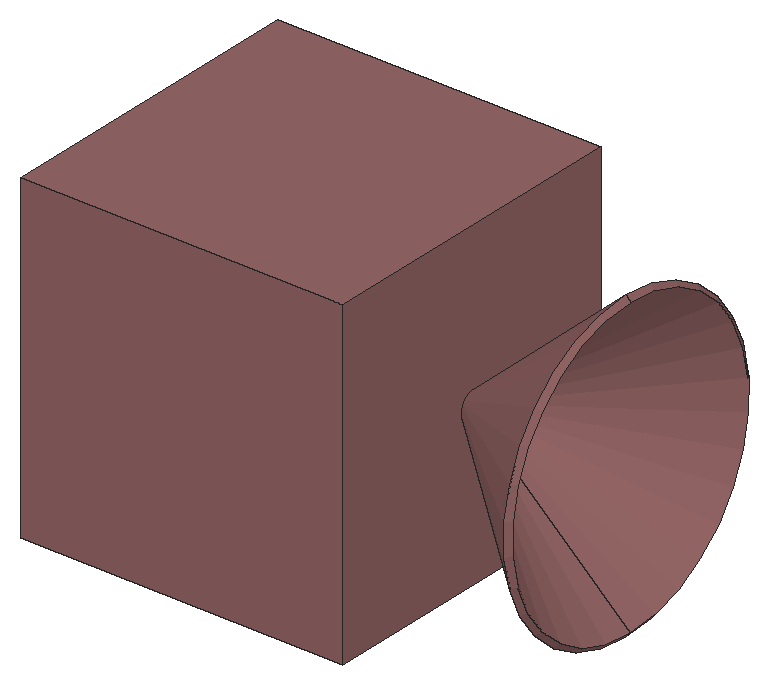
Revit family "M_Alarme de incêndio - Parede", category Equipamento especial, Revit 2019
Family settings
  Hospedeiro = Parede
  Cota do conector redondo = Utilizar diâmetro
  Tipo de parte = Normal
  Número OmniClass = 23.85.30.21.11
  Título OmniClass = Fire Detection, Monitoring and Alarm
  ID de item do Seek = Fire Alarm - Wall-0000-CAN-ENU
  Sempre na vertical = Sim
  Corte com vazios quando carregada = Não
  Compartilhado = Não
  Ponto de cálculo do ambiente = Não
Parameters
  Legenda = "F"
  Material do alarme = Metal - Acabamento pintado - Vermelho indiano, fosco
Reference planes
  plane 1: y = 0
  plane 2: z = 0
  plane 3: z = 1959.391
  plane 4 "eixo": y = 176.2
  plane 5 "Centro (Esquerda/Direita)": x = -584.429
Forms (mm)
  Extrusion 1, solid, material "Metal - Acabamento pintado - Vermelho indiano, fosco" <- "Material do alarme"
    sketch origin (-1524, 100, 0) x (-1, 0, 0) y (0, 0, 1)
      loop
        line (-1015.771, 2035.591) -> (-1015.771, 1883.191) -> (-863.371, 1883.191) -> (-863.371, 2035.591) -> (-1015.771, 2035.591)
    from 0 to 152.4
  Revolve 2, solid, material "Metal - Acabamento pintado - Vermelho indiano, fosco" <- "Material do alarme"
    sketch origin (0, 176.2, 0) x (-1, 0, 0) y (0, 0, 1)
      loop
        line (433.127, 2029.437) -> (508.229, 1961.458) -> (508.229, 1965.741) -> (435.258, 2031.791) -> (433.127, 2029.437)
      axis (508.229, 1959.391) -> (433.127, 1959.391)
    angle from 0 to 360
Lines and regions (mm)
  model lines
    curve 1: arc (-588.491, 252.4, 1909.157) -> (-638.726, 252.4, 1959.391) -> (-588.491, 252.4, 2009.625) r 50.234
    curve 2: arc (-588.491, 252.4, 2009.625) -> (-538.257, 252.4, 1959.391) -> (-588.491, 252.4, 1909.157) r 50.234
Text (mm)
  text "Lado da colocação" at (-1504.828, 1592.972, 0), in view "Linha do piso"
  text "Exterior" at (0, 1019.848, 3124.603), in view "Direita"
  text "Interior" at (0, -1635.541, 3124.603), in view "Direita"
Dimensions and locks
  locked: plane 4 "eixo" to host wall at 76.2
  aligned and locked: nested 1 to host wall
Automatic sketch dimensions
  Extrusion 1 sketch curve to plane 3 = 76.20 mm
  Extrusion 1 sketch curve to Extrusion 1 sketch curve = 152.40 mm
  plane 3 to Extrusion 1 sketch curve = 76.20 mm
  Revolve 2 sketch curve to plane 3 = 0.00 mm
  plane 3 to Revolve 2 sketch curve = 70.046 mm
  Revolve 2 sketch curve to Revolve 2 sketch curve = 39.198 mm
  plane 3 to Revolve 2 sketch curve = 72.40 mm
  Revolve 2 sketch curve to Revolve 2 sketch curve = 2.131 mm
  Revolve 2 sketch curve to Revolve 2 sketch curve = 76.20 mm
  plane 3 to Revolve 2 sketch curve = 2.068 mm
  curve 2 to plane 3 = 0.00 mm
  plane 3 to curve 1 = 50.234 mm
Nested families
  nested 1: "Anotação da sirene de alarme de incêndio" at (-585.357, 100, 0), type "Anotação da sirene de alarme de incêndio"
Definition of nested family "Anotação da sirene de alarme de incêndio"
  Parameters
    Legenda = ""
  Reference planes
    plane 1: y = 0
    plane 2: x = 0
  Lines and regions (mm)
    detail lines
      curve 1: line (-1.587, 3.368, 0) -> (1.588, 3.368, 0)
      curve 2: line (1.588, 0.193, 0) -> (1.588, 3.368, 0)
      curve 3: line (-1.587, 0.193, 0) -> (-1.587, 3.368, 0)
      curve 4: line (-1.587, 0.193, 0) -> (1.588, 0.193, 0)
      curve 5: line (3.175, 0.193, 0) -> (3.175, 3.368, 0)
      curve 6: line (1.588, 1.78, 0) -> (3.175, 3.368, 0)
      curve 7: line (1.588, 1.78, 0) -> (3.175, 0.193, 0)
      curve 8: arc (1.381, 1.719, 0) -> (-1.381, 1.843, 0) -> (1.381, 1.719, 0) r 1.382
  Text (mm)
    label "F" at (0.022, 1.777, 0), shows "Legenda"
  Automatic sketch dimensions
    curve 8 to plane 2 = 0.00 mm
    curve 1 to plane 2 = 1.587 mm
    plane 2 to curve 2 = 1.588 mm
    curve 7 to plane 1 = 0.193 mm
    curve 2 to curve 7 = 1.588 mm  (x2)
    curve 2 to plane 1 = 0.193 mm
    curve 6 to curve 2 = 1.587 mm
    curve 8 to curve 6 = 0.00 mm
    radius of curve 8 = 1.382 mm
